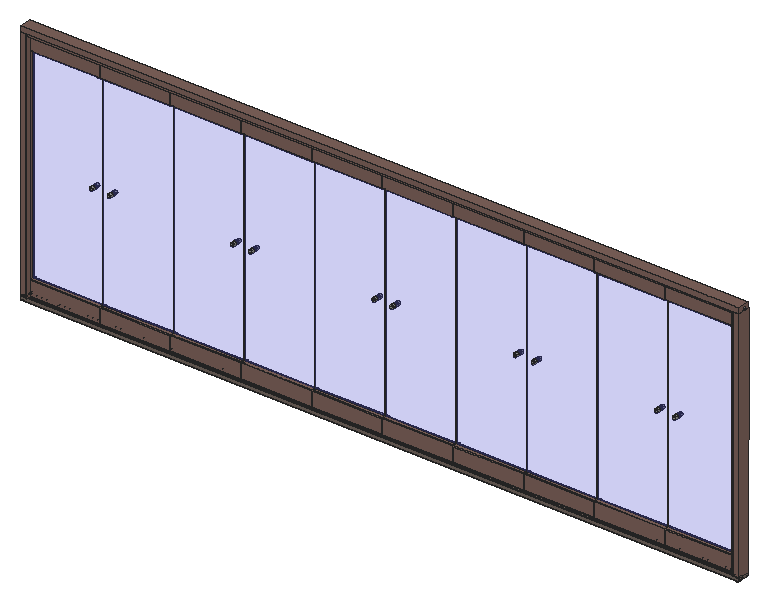
Revit family "FL10L", category Doors, host Wall, Revit 2015 (continued)
Automatic sketch dimensions
  Revolve 55 sketch curve to Revolve 55 sketch curve = 8.5 mm
  Revolve 55 sketch curve to Revolve 55 sketch curve = 6.469 mm
  Revolve 55 sketch curve to Revolve 55 sketch curve = 5.515 mm
  Revolve 55 sketch curve to Revolve 55 sketch curve = 4.5 mm
  Revolve 56 sketch curve to host wall = 24.5 mm
  Revolve 56 sketch curve to Revolve 56 sketch curve = 5 mm
  Revolve 56 sketch curve to Revolve 56 sketch curve = 2 mm  (x2)
  level to Revolve 56 sketch curve = 152 mm
  Revolve 56 sketch curve to Revolve 56 sketch curve = 8.5 mm
  Revolve 56 sketch curve to Revolve 56 sketch curve = 6.469 mm
  Revolve 56 sketch curve to Revolve 56 sketch curve = 5.515 mm
  Revolve 56 sketch curve to Revolve 56 sketch curve = 4.5 mm
  Revolve 62 sketch curve to host wall = 24.5 mm
  Revolve 62 sketch curve to Revolve 62 sketch curve = 5 mm
  Revolve 62 sketch curve to Revolve 62 sketch curve = 2 mm  (x2)
  level to Revolve 62 sketch curve = 141.5 mm
  Revolve 62 sketch curve to Revolve 62 sketch curve = 8.5 mm
  Revolve 62 sketch curve to Revolve 62 sketch curve = 6.469 mm
  Revolve 62 sketch curve to Revolve 62 sketch curve = 5.515 mm
  Revolve 62 sketch curve to Revolve 62 sketch curve = 4.5 mm
  Revolve 63 sketch curve to host wall = 24.5 mm
  Revolve 63 sketch curve to Revolve 63 sketch curve = 5 mm
  Revolve 63 sketch curve to Revolve 63 sketch curve = 2 mm  (x2)
  level to Revolve 63 sketch curve = 152 mm
  Revolve 63 sketch curve to Revolve 63 sketch curve = 8.5 mm
  Revolve 63 sketch curve to Revolve 63 sketch curve = 6.469 mm
  Revolve 63 sketch curve to Revolve 63 sketch curve = 5.515 mm
  Revolve 63 sketch curve to Revolve 63 sketch curve = 4.5 mm
  Revolve 69 sketch curve to host wall = 24.5 mm
  Revolve 69 sketch curve to Revolve 69 sketch curve = 5 mm
  Revolve 69 sketch curve to Revolve 69 sketch curve = 2 mm  (x2)
  level to Revolve 69 sketch curve = 141.5 mm
  Revolve 69 sketch curve to Revolve 69 sketch curve = 8.5 mm
  Revolve 69 sketch curve to Revolve 69 sketch curve = 6.469 mm
  Revolve 69 sketch curve to Revolve 69 sketch curve = 5.515 mm
  Revolve 69 sketch curve to Revolve 69 sketch curve = 4.5 mm
  Revolve 70 sketch curve to host wall = 24.5 mm
  Revolve 70 sketch curve to Revolve 70 sketch curve = 5 mm
  Revolve 70 sketch curve to Revolve 70 sketch curve = 2 mm  (x2)
  level to Revolve 70 sketch curve = 152 mm
  Revolve 70 sketch curve to Revolve 70 sketch curve = 8.5 mm
  Revolve 70 sketch curve to Revolve 70 sketch curve = 6.469 mm
  Revolve 70 sketch curve to Revolve 70 sketch curve = 5.515 mm
  Revolve 70 sketch curve to Revolve 70 sketch curve = 4.5 mm
  Revolve 76 sketch curve to host wall = 24.5 mm
  Revolve 76 sketch curve to Revolve 76 sketch curve = 5 mm
  Revolve 76 sketch curve to Revolve 76 sketch curve = 2 mm  (x2)
  level to Revolve 76 sketch curve = 141.5 mm
  Revolve 76 sketch curve to Revolve 76 sketch curve = 8.5 mm
  Revolve 76 sketch curve to Revolve 76 sketch curve = 6.469 mm
  Revolve 76 sketch curve to Revolve 76 sketch curve = 5.515 mm
  Revolve 76 sketch curve to Revolve 76 sketch curve = 4.5 mm
  Revolve 77 sketch curve to host wall = 24.5 mm
  Revolve 77 sketch curve to Revolve 77 sketch curve = 5 mm
  Revolve 77 sketch curve to Revolve 77 sketch curve = 2 mm  (x2)
  level to Revolve 77 sketch curve = 152 mm
  Revolve 77 sketch curve to Revolve 77 sketch curve = 8.5 mm
  Revolve 77 sketch curve to Revolve 77 sketch curve = 6.469 mm
  Revolve 77 sketch curve to Revolve 77 sketch curve = 5.515 mm
  Revolve 77 sketch curve to Revolve 77 sketch curve = 4.5 mm
  Revolve 78 sketch curve to host wall = 23 mm
  Revolve 78 sketch curve to Revolve 78 sketch curve = 3 mm
  Revolve 78 sketch curve to Revolve 78 sketch curve = 5 mm  (x2)
  Revolve 78 sketch curve to Revolve 78 sketch curve = 16 mm
  Revolve 78 sketch curve to Revolve 78 sketch curve = 1 mm  (x2)
  level to Revolve 78 sketch curve = 1037 mm
  Revolve 78 sketch curve to Revolve 78 sketch curve = 10 mm
  Revolve 78 sketch curve to Revolve 78 sketch curve = 14 mm
  Revolve 78 sketch curve to Revolve 78 sketch curve = 0 mm  (x3)
  Revolve 81 sketch curve to host wall = 0 mm
  Revolve 81 sketch curve to host wall = 5 mm
  Revolve 81 sketch curve to Revolve 81 sketch curve = 5 mm
  Revolve 81 sketch curve to Revolve 81 sketch curve = 3 mm
  host wall to Revolve 81 sketch curve = 16 mm
  Revolve 81 sketch curve to Revolve 81 sketch curve = 1 mm  (x2)
  level to Revolve 81 sketch curve = 1037 mm
  Revolve 81 sketch curve to Revolve 81 sketch curve = 10 mm
  Revolve 81 sketch curve to Revolve 81 sketch curve = 14 mm
  Revolve 81 sketch curve to Revolve 81 sketch curve = 0 mm  (x3)
  Revolve 82 sketch curve to host wall = 23 mm
  Revolve 82 sketch curve to Revolve 82 sketch curve = 3 mm
  Revolve 82 sketch curve to Revolve 82 sketch curve = 5 mm  (x2)
  Revolve 82 sketch curve to Revolve 82 sketch curve = 16 mm
  Revolve 82 sketch curve to Revolve 82 sketch curve = 1 mm  (x2)
  level to Revolve 82 sketch curve = 1037 mm
  Revolve 82 sketch curve to Revolve 82 sketch curve = 10 mm
  Revolve 82 sketch curve to Revolve 82 sketch curve = 14 mm
  Revolve 82 sketch curve to Revolve 82 sketch curve = 0 mm  (x3)
  Revolve 85 sketch curve to host wall = 0 mm
  Revolve 85 sketch curve to host wall = 5 mm
  Revolve 85 sketch curve to Revolve 85 sketch curve = 5 mm
  Revolve 85 sketch curve to Revolve 85 sketch curve = 3 mm
  host wall to Revolve 85 sketch curve = 16 mm
  Revolve 85 sketch curve to Revolve 85 sketch curve = 1 mm  (x2)
  level to Revolve 85 sketch curve = 1037 mm
  Revolve 85 sketch curve to Revolve 85 sketch curve = 10 mm
  Revolve 85 sketch curve to Revolve 85 sketch curve = 14 mm
  Revolve 85 sketch curve to Revolve 85 sketch curve = 0 mm  (x3)
  Revolve 86 sketch curve to host wall = 23 mm
  Revolve 86 sketch curve to Revolve 86 sketch curve = 3 mm
  Revolve 86 sketch curve to Revolve 86 sketch curve = 5 mm  (x2)
  Revolve 86 sketch curve to Revolve 86 sketch curve = 16 mm
  Revolve 86 sketch curve to Revolve 86 sketch curve = 1 mm  (x2)
  level to Revolve 86 sketch curve = 1037 mm
  Revolve 86 sketch curve to Revolve 86 sketch curve = 10 mm
  Revolve 86 sketch curve to Revolve 86 sketch curve = 14 mm
  Revolve 86 sketch curve to Revolve 86 sketch curve = 0 mm  (x3)
  Revolve 89 sketch curve to host wall = 0 mm
  Revolve 89 sketch curve to host wall = 5 mm
  Revolve 89 sketch curve to Revolve 89 sketch curve = 5 mm
  Revolve 89 sketch curve to Revolve 89 sketch curve = 3 mm
  host wall to Revolve 89 sketch curve = 16 mm
  Revolve 89 sketch curve to Revolve 89 sketch curve = 1 mm  (x2)
  level to Revolve 89 sketch curve = 1037 mm
  Revolve 89 sketch curve to Revolve 89 sketch curve = 10 mm
  Revolve 89 sketch curve to Revolve 89 sketch curve = 14 mm
  Revolve 89 sketch curve to Revolve 89 sketch curve = 0 mm  (x3)
  Revolve 90 sketch curve to host wall = 23 mm
  Revolve 90 sketch curve to Revolve 90 sketch curve = 3 mm
  Revolve 90 sketch curve to Revolve 90 sketch curve = 5 mm  (x2)
  Revolve 90 sketch curve to Revolve 90 sketch curve = 16 mm
  Revolve 90 sketch curve to Revolve 90 sketch curve = 1 mm  (x2)
  level to Revolve 90 sketch curve = 1037 mm
  Revolve 90 sketch curve to Revolve 90 sketch curve = 10 mm
  Revolve 90 sketch curve to Revolve 90 sketch curve = 14 mm
  Revolve 90 sketch curve to Revolve 90 sketch curve = 0 mm  (x3)
  Revolve 93 sketch curve to host wall = 0 mm
  Revolve 93 sketch curve to host wall = 5 mm
  Revolve 93 sketch curve to Revolve 93 sketch curve = 5 mm
  Revolve 93 sketch curve to Revolve 93 sketch curve = 3 mm
  host wall to Revolve 93 sketch curve = 16 mm
  Revolve 93 sketch curve to Revolve 93 sketch curve = 1 mm  (x2)
  level to Revolve 93 sketch curve = 1037 mm
  Revolve 93 sketch curve to Revolve 93 sketch curve = 10 mm
  Revolve 93 sketch curve to Revolve 93 sketch curve = 14 mm
  Revolve 93 sketch curve to Revolve 93 sketch curve = 0 mm  (x3)
  Revolve 94 sketch curve to host wall = 23 mm
  Revolve 94 sketch curve to Revolve 94 sketch curve = 3 mm
  Revolve 94 sketch curve to Revolve 94 sketch curve = 5 mm  (x2)
  Revolve 94 sketch curve to Revolve 94 sketch curve = 16 mm
  Revolve 94 sketch curve to Revolve 94 sketch curve = 1 mm  (x2)
  level to Revolve 94 sketch curve = 1037 mm
  Revolve 94 sketch curve to Revolve 94 sketch curve = 10 mm
  Revolve 94 sketch curve to Revolve 94 sketch curve = 14 mm
  Revolve 94 sketch curve to Revolve 94 sketch curve = 0 mm  (x3)
  Revolve 97 sketch curve to host wall = 0 mm
  Revolve 97 sketch curve to host wall = 5 mm
  Revolve 97 sketch curve to Revolve 97 sketch curve = 5 mm
  Revolve 97 sketch curve to Revolve 97 sketch curve = 3 mm
  host wall to Revolve 97 sketch curve = 16 mm
  Revolve 97 sketch curve to Revolve 97 sketch curve = 1 mm  (x2)
  level to Revolve 97 sketch curve = 1037 mm
  Revolve 97 sketch curve to Revolve 97 sketch curve = 10 mm
  Revolve 97 sketch curve to Revolve 97 sketch curve = 14 mm
  Revolve 97 sketch curve to Revolve 97 sketch curve = 0 mm  (x3)
  Extrusion 1 sketch curve to level = 0 mm
  level to Extrusion 1 sketch curve = 1 mm
  Extrusion 1 sketch curve to host wall = 22.5 mm
  Extrusion 1 sketch curve to Extrusion 1 sketch curve = 1 mm  (x7)
  Extrusion 1 sketch curve to Extrusion 1 sketch curve = 0.5 mm  (x8)
  Extrusion 1 sketch curve to Extrusion 1 sketch curve = 8.551 mm
  Extrusion 1 sketch curve to Extrusion 1 sketch curve = 0.717 mm  (x10)
  Extrusion 1 sketch curve to Extrusion 1 sketch curve = 1.732 mm  (x10)
  Extrusion 1 sketch curve to Extrusion 1 sketch curve = 0 mm  (x26)
  Extrusion 1 sketch curve to Extrusion 1 sketch curve = 3.101 mm  (x3)
  Extrusion 1 sketch curve to Extrusion 1 sketch curve = 6.351 mm
  Extrusion 1 sketch curve to Extrusion 1 sketch curve = 1.5 mm  (x15)
  Extrusion 1 sketch curve to Extrusion 1 sketch curve = 0.7 mm
  level to Extrusion 1 sketch curve = 1.5 mm  (x3)
  Extrusion 1 sketch curve to Extrusion 1 sketch curve = 1.2 mm  (x2)
  Extrusion 1 sketch curve to Extrusion 1 sketch curve = 8.248 mm
  host wall to Extrusion 1 sketch curve = 4.5 mm
  host wall to Extrusion 1 sketch curve = 1.5 mm  (x2)
  Extrusion 1 sketch curve to host wall = 1.817 mm
  Extrusion 1 sketch curve to Extrusion 1 sketch curve = 1.433 mm  (x3)
  Extrusion 1 sketch curve to host wall = 3.75 mm
  Extrusion 1 sketch curve to Extrusion 1 sketch curve = 1.25 mm  (x2)
  Extrusion 1 sketch curve to Extrusion 1 sketch curve = 3.317 mm
  Extrusion 1 sketch curve to Extrusion 1 sketch curve = 4.551 mm
  Extrusion 1 sketch curve to Extrusion 1 sketch curve = 10.551 mm
  Extrusion 1 sketch curve to Extrusion 1 sketch curve = 11 mm
  Extrusion 1 sketch curve to Extrusion 1 sketch curve = 14.5 mm
  Extrusion 1 sketch curve to Extrusion 1 sketch curve = 2 mm  (x4)
  Extrusion 1 sketch curve to Extrusion 1 sketch curve = 0.3 mm
  Extrusion 1 sketch curve to Extrusion 1 sketch curve = 2.5 mm
  Extrusion 1 sketch curve to Extrusion 1 sketch curve = 1.488 mm
  Extrusion 1 sketch curve to Extrusion 1 sketch curve = 1.012 mm
  Extrusion 1 sketch curve to Extrusion 1 sketch curve = 5.5 mm
  plane 5 to Extrusion 2 sketch curve = 0 mm
  Extrusion 2 sketch curve to host wall = 22.5 mm  (x2)
  host wall to Extrusion 2 sketch curve = 6.5 mm
  Extrusion 2 sketch curve to host wall = 15.5 mm
  plane 5 to Extrusion 2 sketch curve = 25 mm
  Extrusion 2 sketch curve to Extrusion 2 sketch curve = 20 mm  (x2)
  Extrusion 3 sketch curve to plane 3 "Left" = 0 mm
  Extrusion 3 sketch curve to plane 8 = 0 mm
  Extrusion 3 sketch curve to plane 9 = 0 mm
  Extrusion 3 sketch curve to plane 4 "Right" = 0 mm
  Extrusion 3 sketch curve to Extrusion 3 sketch curve = 12 mm  (x2)
  Extrusion 3 sketch curve to host wall = 22.5 mm  (x4)
  Extrusion 3 sketch curve to host wall = 24.5 mm  (x2)
  Extrusion 4 sketch curve to plane 3 "Left" = 0 mm
  Extrusion 4 sketch curve to plane 8 = 0 mm
  Extrusion 4 sketch curve to plane 9 = 0 mm
  Extrusion 4 sketch curve to plane 4 "Right" = 0 mm
  Extrusion 4 sketch curve to plane 8 = 12 mm
  Extrusion 4 sketch curve to Extrusion 4 sketch curve = 12 mm
  host wall to Extrusion 4 sketch curve = 19.5 mm  (x2)
  Extrusion 4 sketch curve to host wall = 24.5 mm  (x2)
  Extrusion 4 sketch curve to host wall = 22.5 mm  (x2)
  Extrusion 5 sketch curve to host wall = 22.5 mm
  Extrusion 5 sketch curve to Extrusion 5 sketch curve = 3 mm  (x3)
  Extrusion 5 sketch curve to Extrusion 5 sketch curve = 16 mm
  Extrusion 5 sketch curve to Extrusion 5 sketch curve = 7 mm
  Extrusion 5 sketch curve to Extrusion 5 sketch curve = 0 mm
  plane 5 to Extrusion 5 sketch curve = 58 mm
  Extrusion 5 sketch curve to Extrusion 5 sketch curve = 3.5 mm
  Extrusion 5 sketch curve to Extrusion 5 sketch curve = 10 mm
  plane 10 to curve 41 = 203.212 mm
  curve 41 to curve 43 = 42.286 mm
  curve 42 to curve 45 = 42.286 mm
  curve 47 to host wall = 23.892 mm
  curve 47 to plane 12 = 106.782 mm
  plane 13 to curve 48 = 94.651 mm
  curve 47 to curve 49 = 42.286 mm
  curve 48 to curve 53 = 42.286 mm
  curve 53 to host wall = 23.892 mm
  curve 53 to plane 14 = 215.343 mm
  curve 50 to plane 14 = 9.91 mm
  plane 15 to curve 51 = 28.376 mm
  curve 66 to plane 26 = 28.376 mm
  plane 27 to curve 65 = 9.91 mm
  curve 65 to host wall = 23.892 mm
  plane 27 to curve 65 = 215.343 mm
  curve 69 to plane 28 = 179.223 mm
  curve 68 to curve 69 = 42.286 mm
  curve 63 to curve 62 = 42.286 mm
  curve 59 to host wall = 23.892 mm
  plane 29 to curve 59 = 106.782 mm
  plane 11 to curve 60 = 287.784 mm
  curve 60 to curve 61 = 42.286 mm
  curve 60 to curve 56 = 42.286 mm
  host wall to curve 70 = 497.925 mm
  host wall to curve 51 = 497.925 mm
  curve 49 to curve 50 = 15.391 mm
  curve 67 to curve 68 = 15.391 mm
  curve 42 to curve 47 = 15.391 mm
  curve 57 to curve 62 = 15.391 mm
  curve 60 to curve 57 = 15.391 mm
  curve 42 to curve 42 = 15.391 mm
  curve 43 to host wall = 9.109 mm
  curve 41 to plane 10 = 2 mm
  curve 46 to host wall = 9.109 mm
  curve 49 to host wall = 9.109 mm
  curve 55 to host wall = 9.109 mm
  curve 52 to host wall = 9.109 mm
  curve 67 to host wall = 9.109 mm
  curve 70 to host wall = 9.109 mm
  curve 64 to host wall = 9.109 mm
  curve 61 to host wall = 9.109 mm
  curve 58 to host wall = 9.109 mm
  curve 56 to plane 11 = 2 mm
  host wall to Extrusion 7 sketch curve = 6 mm
  Extrusion 7 sketch curve to Extrusion 7 sketch curve = 2.2 mm  (x3)
  Extrusion 7 sketch curve to host wall = 12.8 mm
  plane 5 to Extrusion 7 sketch curve = 45 mm
  Extrusion 7 sketch curve to Extrusion 7 sketch curve = 0 mm
  Extrusion 7 sketch curve to Extrusion 7 sketch curve = 17.8 mm
  host wall to Extrusion 8 sketch curve = 20.5 mm  (x2)
  Extrusion 8 sketch curve to Extrusion 8 sketch curve = 5 mm  (x5)
  Extrusion 8 sketch curve to host wall = 13 mm  (x2)
  Extrusion 8 sketch curve to host wall = 24.5 mm
  Extrusion 8 sketch curve to Extrusion 8 sketch curve = 11.5 mm
  level to Extrusion 8 sketch curve = 24 mm
  Extrusion 8 sketch curve to Extrusion 8 sketch curve = 13 mm
  Extrusion 8 sketch curve to Extrusion 8 sketch curve = 75 mm
  Extrusion 8 sketch curve to Extrusion 8 sketch curve = 45 mm
  plane 5 to Extrusion 8 sketch curve = 188 mm
  Extrusion 8 sketch curve to Extrusion 8 sketch curve = 50 mm
  plane 5 to Extrusion 8 sketch curve = 50 mm
  Extrusion 9 sketch curve to plane 29 = 0 mm
  plane 11 to Extrusion 9 sketch curve = 0 mm
  level to Extrusion 9 sketch curve = 112 mm
  plane 5 to Extrusion 9 sketch curve = 138 mm
  Extrusion 10 sketch curve to host wall = 23 mm  (x2)
  Extrusion 10 sketch curve to Extrusion 10 sketch curve = 1.5 mm  (x2)
  level to Extrusion 10 sketch curve = 112 mm
  Extrusion 10 sketch curve to Extrusion 10 sketch curve = 50 mm  (x2)
  plane 5 to Extrusion 10 sketch curve = 188 mm
  Revolve 11 sketch curve to host wall = 24.5 mm
  Revolve 11 sketch curve to Revolve 11 sketch curve = 5 mm
  Revolve 11 sketch curve to Revolve 11 sketch curve = 2 mm  (x2)
  plane 5 to Revolve 11 sketch curve = 158.5 mm
  Revolve 11 sketch curve to Revolve 11 sketch curve = 8.5 mm
  Revolve 11 sketch curve to Revolve 11 sketch curve = 6.469 mm
  Revolve 11 sketch curve to Revolve 11 sketch curve = 5.515 mm
  Revolve 11 sketch curve to Revolve 11 sketch curve = 4.5 mm
  Revolve 12 sketch curve to host wall = 24.5 mm
  Revolve 12 sketch curve to Revolve 12 sketch curve = 5 mm
  Revolve 12 sketch curve to Revolve 12 sketch curve = 2 mm  (x2)
  plane 5 to Revolve 12 sketch curve = 148 mm
  Revolve 12 sketch curve to Revolve 12 sketch curve = 8.5 mm
  Revolve 12 sketch curve to Revolve 12 sketch curve = 6.469 mm
  Revolve 12 sketch curve to Revolve 12 sketch curve = 5.515 mm
  Revolve 12 sketch curve to Revolve 12 sketch curve = 4.5 mm
  host wall to Extrusion 15 sketch curve = 20.5 mm  (x2)
  Extrusion 15 sketch curve to Extrusion 15 sketch curve = 5 mm  (x5)
  Extrusion 15 sketch curve to host wall = 13 mm  (x2)
  Extrusion 15 sketch curve to host wall = 24.5 mm
  Extrusion 15 sketch curve to Extrusion 15 sketch curve = 11.5 mm
  level to Extrusion 15 sketch curve = 24 mm
  Extrusion 15 sketch curve to Extrusion 15 sketch curve = 13 mm
  Extrusion 15 sketch curve to Extrusion 15 sketch curve = 75 mm
  Extrusion 15 sketch curve to Extrusion 15 sketch curve = 45 mm
  plane 5 to Extrusion 15 sketch curve = 188 mm
  Extrusion 15 sketch curve to Extrusion 15 sketch curve = 50 mm
  plane 5 to Extrusion 15 sketch curve = 50 mm
  Extrusion 16 sketch curve to plane 27 = 0 mm
  Extrusion 16 sketch curve to plane 28 = 0 mm
  level to Extrusion 16 sketch curve = 112 mm
  plane 5 to Extrusion 16 sketch curve = 138 mm
  Extrusion 17 sketch curve to host wall = 23 mm  (x2)
  Extrusion 17 sketch curve to Extrusion 17 sketch curve = 1.5 mm  (x2)
  level to Extrusion 17 sketch curve = 112 mm
  Extrusion 17 sketch curve to Extrusion 17 sketch curve = 50 mm  (x2)
  plane 5 to Extrusion 17 sketch curve = 188 mm
  Revolve 18 sketch curve to host wall = 24.5 mm
  Revolve 18 sketch curve to Revolve 18 sketch curve = 5 mm
  Revolve 18 sketch curve to Revolve 18 sketch curve = 2 mm  (x2)
  plane 5 to Revolve 18 sketch curve = 158.5 mm
  Revolve 18 sketch curve to Revolve 18 sketch curve = 8.5 mm
  Revolve 18 sketch curve to Revolve 18 sketch curve = 6.469 mm
  Revolve 18 sketch curve to Revolve 18 sketch curve = 5.515 mm
  Revolve 18 sketch curve to Revolve 18 sketch curve = 4.5 mm
  Revolve 19 sketch curve to host wall = 24.5 mm
  Revolve 19 sketch curve to Revolve 19 sketch curve = 5 mm
  Revolve 19 sketch curve to Revolve 19 sketch curve = 2 mm  (x2)
  plane 5 to Revolve 19 sketch curve = 148 mm
  Revolve 19 sketch curve to Revolve 19 sketch curve = 8.5 mm
  Revolve 19 sketch curve to Revolve 19 sketch curve = 6.469 mm
  Revolve 19 sketch curve to Revolve 19 sketch curve = 5.515 mm
  Revolve 19 sketch curve to Revolve 19 sketch curve = 4.5 mm
  host wall to Extrusion 22 sketch curve = 20.5 mm  (x2)
  Extrusion 22 sketch curve to Extrusion 22 sketch curve = 5 mm  (x5)
  Extrusion 22 sketch curve to host wall = 13 mm  (x2)
  Extrusion 22 sketch curve to host wall = 24.5 mm
  Extrusion 22 sketch curve to Extrusion 22 sketch curve = 11.5 mm
  level to Extrusion 22 sketch curve = 24 mm
  Extrusion 22 sketch curve to Extrusion 22 sketch curve = 13 mm
  Extrusion 22 sketch curve to Extrusion 22 sketch curve = 75 mm
  Extrusion 22 sketch curve to Extrusion 22 sketch curve = 45 mm
  plane 5 to Extrusion 22 sketch curve = 188 mm
  Extrusion 22 sketch curve to Extrusion 22 sketch curve = 50 mm
  plane 5 to Extrusion 22 sketch curve = 50 mm
  Extrusion 23 sketch curve to plane 25 = 0 mm
  Extrusion 23 sketch curve to plane 26 = 0 mm
  level to Extrusion 23 sketch curve = 112 mm
  plane 5 to Extrusion 23 sketch curve = 138 mm
  Extrusion 24 sketch curve to host wall = 23 mm  (x2)
  Extrusion 24 sketch curve to Extrusion 24 sketch curve = 1.5 mm  (x2)
  level to Extrusion 24 sketch curve = 112 mm
  Extrusion 24 sketch curve to Extrusion 24 sketch curve = 50 mm  (x2)
  plane 5 to Extrusion 24 sketch curve = 188 mm
  Revolve 25 sketch curve to host wall = 24.5 mm
  Revolve 25 sketch curve to Revolve 25 sketch curve = 5 mm
  Revolve 25 sketch curve to Revolve 25 sketch curve = 2 mm  (x2)
  plane 5 to Revolve 25 sketch curve = 158.5 mm
  Revolve 25 sketch curve to Revolve 25 sketch curve = 8.5 mm
  Revolve 25 sketch curve to Revolve 25 sketch curve = 6.469 mm
  Revolve 25 sketch curve to Revolve 25 sketch curve = 5.515 mm
  Revolve 25 sketch curve to Revolve 25 sketch curve = 4.5 mm
  Revolve 26 sketch curve to host wall = 24.5 mm
  Revolve 26 sketch curve to Revolve 26 sketch curve = 5 mm
  Revolve 26 sketch curve to Revolve 26 sketch curve = 2 mm  (x2)
  plane 5 to Revolve 26 sketch curve = 148 mm
  Revolve 26 sketch curve to Revolve 26 sketch curve = 8.5 mm
  Revolve 26 sketch curve to Revolve 26 sketch curve = 6.469 mm
  Revolve 26 sketch curve to Revolve 26 sketch curve = 5.515 mm
  Revolve 26 sketch curve to Revolve 26 sketch curve = 4.5 mm
  host wall to Extrusion 29 sketch curve = 20.5 mm  (x2)
  Extrusion 29 sketch curve to Extrusion 29 sketch curve = 5 mm  (x5)
  Extrusion 29 sketch curve to host wall = 13 mm  (x2)
  Extrusion 29 sketch curve to host wall = 24.5 mm
  Extrusion 29 sketch curve to Extrusion 29 sketch curve = 11.5 mm
  level to Extrusion 29 sketch curve = 24 mm
  Extrusion 29 sketch curve to Extrusion 29 sketch curve = 13 mm
  Extrusion 29 sketch curve to Extrusion 29 sketch curve = 75 mm
  Extrusion 29 sketch curve to Extrusion 29 sketch curve = 45 mm
  plane 5 to Extrusion 29 sketch curve = 188 mm
  Extrusion 29 sketch curve to Extrusion 29 sketch curve = 50 mm
  plane 5 to Extrusion 29 sketch curve = 50 mm
  Extrusion 30 sketch curve to plane 23 = 0 mm
  Extrusion 30 sketch curve to plane 24 = 0 mm
  level to Extrusion 30 sketch curve = 112 mm
  plane 5 to Extrusion 30 sketch curve = 138 mm
  Extrusion 31 sketch curve to host wall = 23 mm  (x2)
  Extrusion 31 sketch curve to Extrusion 31 sketch curve = 1.5 mm  (x2)
  level to Extrusion 31 sketch curve = 112 mm
  Extrusion 31 sketch curve to Extrusion 31 sketch curve = 50 mm  (x2)
  plane 5 to Extrusion 31 sketch curve = 188 mm
  Revolve 32 sketch curve to host wall = 24.5 mm
  Revolve 32 sketch curve to Revolve 32 sketch curve = 5 mm
  Revolve 32 sketch curve to Revolve 32 sketch curve = 2 mm  (x2)
  plane 5 to Revolve 32 sketch curve = 158.5 mm
  Revolve 32 sketch curve to Revolve 32 sketch curve = 8.5 mm
  Revolve 32 sketch curve to Revolve 32 sketch curve = 6.469 mm
  Revolve 32 sketch curve to Revolve 32 sketch curve = 5.515 mm
  Revolve 32 sketch curve to Revolve 32 sketch curve = 4.5 mm
  Revolve 33 sketch curve to host wall = 24.5 mm
  Revolve 33 sketch curve to Revolve 33 sketch curve = 5 mm
  Revolve 33 sketch curve to Revolve 33 sketch curve = 2 mm  (x2)
  plane 5 to Revolve 33 sketch curve = 148 mm
  Revolve 33 sketch curve to Revolve 33 sketch curve = 8.5 mm
  Revolve 33 sketch curve to Revolve 33 sketch curve = 6.469 mm
  Revolve 33 sketch curve to Revolve 33 sketch curve = 5.515 mm
  Revolve 33 sketch curve to Revolve 33 sketch curve = 4.5 mm
  host wall to Extrusion 36 sketch curve = 20.5 mm  (x2)
  Extrusion 36 sketch curve to Extrusion 36 sketch curve = 5 mm  (x5)
  Extrusion 36 sketch curve to host wall = 13 mm  (x2)
  Extrusion 36 sketch curve to host wall = 24.5 mm
  Extrusion 36 sketch curve to Extrusion 36 sketch curve = 11.5 mm
  level to Extrusion 36 sketch curve = 24 mm
  Extrusion 36 sketch curve to Extrusion 36 sketch curve = 13 mm
  Extrusion 36 sketch curve to Extrusion 36 sketch curve = 75 mm
  Extrusion 36 sketch curve to Extrusion 36 sketch curve = 45 mm
  plane 5 to Extrusion 36 sketch curve = 188 mm
  Extrusion 36 sketch curve to Extrusion 36 sketch curve = 50 mm
  plane 5 to Extrusion 36 sketch curve = 50 mm
  Extrusion 37 sketch curve to plane 21 = 0 mm
  Extrusion 37 sketch curve to plane 22 = 0 mm
  level to Extrusion 37 sketch curve = 112 mm
  plane 5 to Extrusion 37 sketch curve = 138 mm
  Extrusion 38 sketch curve to host wall = 23 mm  (x2)
  Extrusion 38 sketch curve to Extrusion 38 sketch curve = 1.5 mm  (x2)
  level to Extrusion 38 sketch curve = 112 mm
  Extrusion 38 sketch curve to Extrusion 38 sketch curve = 50 mm  (x2)
  plane 5 to Extrusion 38 sketch curve = 188 mm
  Revolve 39 sketch curve to host wall = 24.5 mm
  Revolve 39 sketch curve to Revolve 39 sketch curve = 5 mm
  Revolve 39 sketch curve to Revolve 39 sketch curve = 2 mm  (x2)
  plane 5 to Revolve 39 sketch curve = 158.5 mm
  Revolve 39 sketch curve to Revolve 39 sketch curve = 8.5 mm
  Revolve 39 sketch curve to Revolve 39 sketch curve = 6.469 mm
  Revolve 39 sketch curve to Revolve 39 sketch curve = 5.515 mm
  Revolve 39 sketch curve to Revolve 39 sketch curve = 4.5 mm
  Revolve 40 sketch curve to host wall = 24.5 mm
  Revolve 40 sketch curve to Revolve 40 sketch curve = 5 mm
  Revolve 40 sketch curve to Revolve 40 sketch curve = 2 mm  (x2)
  plane 5 to Revolve 40 sketch curve = 148 mm
  Revolve 40 sketch curve to Revolve 40 sketch curve = 8.5 mm
  Revolve 40 sketch curve to Revolve 40 sketch curve = 6.469 mm
  Revolve 40 sketch curve to Revolve 40 sketch curve = 5.515 mm
  Revolve 40 sketch curve to Revolve 40 sketch curve = 4.5 mm
  host wall to Extrusion 43 sketch curve = 20.5 mm  (x2)
  Extrusion 43 sketch curve to Extrusion 43 sketch curve = 5 mm  (x5)
  Extrusion 43 sketch curve to host wall = 13 mm  (x2)
  Extrusion 43 sketch curve to host wall = 24.5 mm
  Extrusion 43 sketch curve to Extrusion 43 sketch curve = 11.5 mm
  level to Extrusion 43 sketch curve = 24 mm
  Extrusion 43 sketch curve to Extrusion 43 sketch curve = 13 mm
  Extrusion 43 sketch curve to Extrusion 43 sketch curve = 75 mm
  Extrusion 43 sketch curve to Extrusion 43 sketch curve = 45 mm
  plane 5 to Extrusion 43 sketch curve = 188 mm
  Extrusion 43 sketch curve to Extrusion 43 sketch curve = 50 mm
  plane 5 to Extrusion 43 sketch curve = 50 mm
  Extrusion 44 sketch curve to plane 19 = 0 mm
  Extrusion 44 sketch curve to plane 20 = 0 mm
  level to Extrusion 44 sketch curve = 112 mm
  plane 5 to Extrusion 44 sketch curve = 138 mm
  Extrusion 45 sketch curve to host wall = 23 mm  (x2)
  Extrusion 45 sketch curve to Extrusion 45 sketch curve = 1.5 mm  (x2)
  level to Extrusion 45 sketch curve = 112 mm
  Extrusion 45 sketch curve to Extrusion 45 sketch curve = 50 mm  (x2)
  plane 5 to Extrusion 45 sketch curve = 188 mm
  Revolve 46 sketch curve to host wall = 24.5 mm
  Revolve 46 sketch curve to Revolve 46 sketch curve = 5 mm
  Revolve 46 sketch curve to Revolve 46 sketch curve = 2 mm  (x2)
  plane 5 to Revolve 46 sketch curve = 158.5 mm
  Revolve 46 sketch curve to Revolve 46 sketch curve = 8.5 mm
  Revolve 46 sketch curve to Revolve 46 sketch curve = 6.469 mm
  Revolve 46 sketch curve to Revolve 46 sketch curve = 5.515 mm
  Revolve 46 sketch curve to Revolve 46 sketch curve = 4.5 mm
  Revolve 47 sketch curve to host wall = 24.5 mm
  Revolve 47 sketch curve to Revolve 47 sketch curve = 5 mm
  Revolve 47 sketch curve to Revolve 47 sketch curve = 2 mm  (x2)
  plane 5 to Revolve 47 sketch curve = 148 mm
  Revolve 47 sketch curve to Revolve 47 sketch curve = 8.5 mm
  Revolve 47 sketch curve to Revolve 47 sketch curve = 6.469 mm
  Revolve 47 sketch curve to Revolve 47 sketch curve = 5.515 mm
  Revolve 47 sketch curve to Revolve 47 sketch curve = 4.5 mm
  host wall to Extrusion 50 sketch curve = 20.5 mm  (x2)
  Extrusion 50 sketch curve to Extrusion 50 sketch curve = 5 mm  (x5)
  Extrusion 50 sketch curve to host wall = 13 mm  (x2)
  Extrusion 50 sketch curve to host wall = 24.5 mm
  Extrusion 50 sketch curve to Extrusion 50 sketch curve = 11.5 mm
  level to Extrusion 50 sketch curve = 24 mm
  Extrusion 50 sketch curve to Extrusion 50 sketch curve = 13 mm
  Extrusion 50 sketch curve to Extrusion 50 sketch curve = 75 mm
  Extrusion 50 sketch curve to Extrusion 50 sketch curve = 45 mm
  plane 5 to Extrusion 50 sketch curve = 188 mm
  Extrusion 50 sketch curve to Extrusion 50 sketch curve = 50 mm
  plane 5 to Extrusion 50 sketch curve = 50 mm
  Extrusion 51 sketch curve to plane 17 = 0 mm
  Extrusion 51 sketch curve to plane 18 = 0 mm
  level to Extrusion 51 sketch curve = 112 mm
  plane 5 to Extrusion 51 sketch curve = 138 mm
  Extrusion 52 sketch curve to host wall = 23 mm  (x2)
  Extrusion 52 sketch curve to Extrusion 52 sketch curve = 1.5 mm  (x2)
  level to Extrusion 52 sketch curve = 112 mm
  Extrusion 52 sketch curve to Extrusion 52 sketch curve = 50 mm  (x2)
  plane 5 to Extrusion 52 sketch curve = 188 mm
  Revolve 53 sketch curve to host wall = 24.5 mm
  Revolve 53 sketch curve to Revolve 53 sketch curve = 5 mm
  Revolve 53 sketch curve to Revolve 53 sketch curve = 2 mm  (x2)
  plane 5 to Revolve 53 sketch curve = 158.5 mm
  Revolve 53 sketch curve to Revolve 53 sketch curve = 8.5 mm
  Revolve 53 sketch curve to Revolve 53 sketch curve = 6.469 mm
  Revolve 53 sketch curve to Revolve 53 sketch curve = 5.515 mm
  Revolve 53 sketch curve to Revolve 53 sketch curve = 4.5 mm
  Revolve 54 sketch curve to host wall = 24.5 mm
  Revolve 54 sketch curve to Revolve 54 sketch curve = 5 mm
  Revolve 54 sketch curve to Revolve 54 sketch curve = 2 mm  (x2)
  plane 5 to Revolve 54 sketch curve = 148 mm
  Revolve 54 sketch curve to Revolve 54 sketch curve = 8.5 mm
  Revolve 54 sketch curve to Revolve 54 sketch curve = 6.469 mm
  Revolve 54 sketch curve to Revolve 54 sketch curve = 5.515 mm
  Revolve 54 sketch curve to Revolve 54 sketch curve = 4.5 mm
  host wall to Extrusion 57 sketch curve = 20.5 mm  (x2)
  Extrusion 57 sketch curve to Extrusion 57 sketch curve = 5 mm  (x5)
  Extrusion 57 sketch curve to host wall = 13 mm  (x2)
  Extrusion 57 sketch curve to host wall = 24.5 mm
  Extrusion 57 sketch curve to Extrusion 57 sketch curve = 11.5 mm
  level to Extrusion 57 sketch curve = 24 mm
  Extrusion 57 sketch curve to Extrusion 57 sketch curve = 13 mm
  Extrusion 57 sketch curve to Extrusion 57 sketch curve = 75 mm
  Extrusion 57 sketch curve to Extrusion 57 sketch curve = 45 mm
  plane 5 to Extrusion 57 sketch curve = 188 mm
  Extrusion 57 sketch curve to Extrusion 57 sketch curve = 50 mm
  plane 5 to Extrusion 57 sketch curve = 50 mm
  Extrusion 58 sketch curve to plane 15 = 0 mm
  Extrusion 58 sketch curve to plane 16 = 0 mm
  level to Extrusion 58 sketch curve = 112 mm
  plane 5 to Extrusion 58 sketch curve = 138 mm
  Extrusion 59 sketch curve to host wall = 23 mm  (x2)
  Extrusion 59 sketch curve to Extrusion 59 sketch curve = 1.5 mm  (x2)
  level to Extrusion 59 sketch curve = 112 mm
  Extrusion 59 sketch curve to Extrusion 59 sketch curve = 50 mm  (x2)
  plane 5 to Extrusion 59 sketch curve = 188 mm
  Revolve 60 sketch curve to host wall = 24.5 mm
  Revolve 60 sketch curve to Revolve 60 sketch curve = 5 mm
  Revolve 60 sketch curve to Revolve 60 sketch curve = 2 mm  (x2)
  plane 5 to Revolve 60 sketch curve = 158.5 mm
  Revolve 60 sketch curve to Revolve 60 sketch curve = 8.5 mm
  Revolve 60 sketch curve to Revolve 60 sketch curve = 6.469 mm
  Revolve 60 sketch curve to Revolve 60 sketch curve = 5.515 mm
  Revolve 60 sketch curve to Revolve 60 sketch curve = 4.5 mm
  Revolve 61 sketch curve to host wall = 24.5 mm
  Revolve 61 sketch curve to Revolve 61 sketch curve = 5 mm
  Revolve 61 sketch curve to Revolve 61 sketch curve = 2 mm  (x2)
  plane 5 to Revolve 61 sketch curve = 148 mm
  Revolve 61 sketch curve to Revolve 61 sketch curve = 8.5 mm
  Revolve 61 sketch curve to Revolve 61 sketch curve = 6.469 mm
  Revolve 61 sketch curve to Revolve 61 sketch curve = 5.515 mm
  Revolve 61 sketch curve to Revolve 61 sketch curve = 4.5 mm
  host wall to Extrusion 64 sketch curve = 20.5 mm  (x2)
  Extrusion 64 sketch curve to Extrusion 64 sketch curve = 5 mm  (x5)
  Extrusion 64 sketch curve to host wall = 13 mm  (x2)
  Extrusion 64 sketch curve to host wall = 24.5 mm
  Extrusion 64 sketch curve to Extrusion 64 sketch curve = 11.5 mm
  level to Extrusion 64 sketch curve = 24 mm
  Extrusion 64 sketch curve to Extrusion 64 sketch curve = 13 mm
  Extrusion 64 sketch curve to Extrusion 64 sketch curve = 75 mm
  Extrusion 64 sketch curve to Extrusion 64 sketch curve = 45 mm
  plane 5 to Extrusion 64 sketch curve = 188 mm
  Extrusion 64 sketch curve to Extrusion 64 sketch curve = 50 mm
  plane 5 to Extrusion 64 sketch curve = 50 mm
  Extrusion 65 sketch curve to plane 13 = 0 mm
  Extrusion 65 sketch curve to plane 14 = 0 mm
  level to Extrusion 65 sketch curve = 112 mm
  plane 5 to Extrusion 65 sketch curve = 138 mm
  Extrusion 66 sketch curve to host wall = 23 mm  (x2)
  Extrusion 66 sketch curve to Extrusion 66 sketch curve = 1.5 mm  (x2)
  level to Extrusion 66 sketch curve = 112 mm
  Extrusion 66 sketch curve to Extrusion 66 sketch curve = 50 mm  (x2)
  plane 5 to Extrusion 66 sketch curve = 188 mm
  Revolve 67 sketch curve to host wall = 24.5 mm
  Revolve 67 sketch curve to Revolve 67 sketch curve = 5 mm
  Revolve 67 sketch curve to Revolve 67 sketch curve = 2 mm  (x2)
  plane 5 to Revolve 67 sketch curve = 158.5 mm
  Revolve 67 sketch curve to Revolve 67 sketch curve = 8.5 mm
  Revolve 67 sketch curve to Revolve 67 sketch curve = 6.469 mm
  Revolve 67 sketch curve to Revolve 67 sketch curve = 5.515 mm
  Revolve 67 sketch curve to Revolve 67 sketch curve = 4.5 mm
  Revolve 68 sketch curve to host wall = 24.5 mm
  Revolve 68 sketch curve to Revolve 68 sketch curve = 5 mm
  Revolve 68 sketch curve to Revolve 68 sketch curve = 2 mm  (x2)
  plane 5 to Revolve 68 sketch curve = 148 mm
  Revolve 68 sketch curve to Revolve 68 sketch curve = 8.5 mm
  Revolve 68 sketch curve to Revolve 68 sketch curve = 6.469 mm
  Revolve 68 sketch curve to Revolve 68 sketch curve = 5.515 mm
  Revolve 68 sketch curve to Revolve 68 sketch curve = 4.5 mm
  host wall to Extrusion 71 sketch curve = 20.5 mm  (x2)
  Extrusion 71 sketch curve to Extrusion 71 sketch curve = 5 mm  (x5)
  Extrusion 71 sketch curve to host wall = 13 mm  (x2)
  Extrusion 71 sketch curve to host wall = 24.5 mm
  Extrusion 71 sketch curve to Extrusion 71 sketch curve = 11.5 mm
  level to Extrusion 71 sketch curve = 24 mm
  Extrusion 71 sketch curve to Extrusion 71 sketch curve = 13 mm
  Extrusion 71 sketch curve to Extrusion 71 sketch curve = 75 mm
  Extrusion 71 sketch curve to Extrusion 71 sketch curve = 45 mm
  plane 5 to Extrusion 71 sketch curve = 188 mm
  Extrusion 71 sketch curve to Extrusion 71 sketch curve = 50 mm
  plane 5 to Extrusion 71 sketch curve = 50 mm
  Extrusion 72 sketch curve to plane 10 = 0 mm
  Extrusion 72 sketch curve to plane 12 = 0 mm
  level to Extrusion 72 sketch curve = 112 mm
  plane 5 to Extrusion 72 sketch curve = 138 mm
  Extrusion 73 sketch curve to host wall = 23 mm  (x2)
  Extrusion 73 sketch curve to Extrusion 73 sketch curve = 1.5 mm  (x2)
  level to Extrusion 73 sketch curve = 112 mm
  Extrusion 73 sketch curve to Extrusion 73 sketch curve = 50 mm  (x2)
  plane 5 to Extrusion 73 sketch curve = 188 mm
  Revolve 74 sketch curve to host wall = 24.5 mm
  Revolve 74 sketch curve to Revolve 74 sketch curve = 5 mm
  Revolve 74 sketch curve to Revolve 74 sketch curve = 2 mm  (x2)
  plane 5 to Revolve 74 sketch curve = 158.5 mm
  Revolve 74 sketch curve to Revolve 74 sketch curve = 8.5 mm
  Revolve 74 sketch curve to Revolve 74 sketch curve = 6.469 mm
  Revolve 74 sketch curve to Revolve 74 sketch curve = 5.515 mm
  Revolve 74 sketch curve to Revolve 74 sketch curve = 4.5 mm
  Revolve 75 sketch curve to host wall = 24.5 mm
  Revolve 75 sketch curve to Revolve 75 sketch curve = 5 mm
  Revolve 75 sketch curve to Revolve 75 sketch curve = 2 mm  (x2)
  plane 5 to Revolve 75 sketch curve = 148 mm
  Revolve 75 sketch curve to Revolve 75 sketch curve = 8.5 mm
  Revolve 75 sketch curve to Revolve 75 sketch curve = 6.469 mm
  Revolve 75 sketch curve to Revolve 75 sketch curve = 5.515 mm
  Revolve 75 sketch curve to Revolve 75 sketch curve = 4.5 mm
  Revolve 79 sketch curve to host wall = 0 mm
  Revolve 79 sketch curve to host wall = 5 mm
  Revolve 79 sketch curve to Revolve 79 sketch curve = 5 mm
  Revolve 79 sketch curve to Revolve 79 sketch curve = 3 mm
  host wall to Revolve 79 sketch curve = 16 mm
  Revolve 79 sketch curve to Revolve 79 sketch curve = 1 mm  (x2)
  plane 5 to Revolve 79 sketch curve = 1048 mm
  Revolve 79 sketch curve to Revolve 79 sketch curve = 0 mm  (x4)
  Revolve 79 sketch curve to Revolve 79 sketch curve = 14 mm
  Revolve 80 sketch curve to host wall = 23 mm
  Revolve 80 sketch curve to Revolve 80 sketch curve = 3 mm
  Revolve 80 sketch curve to Revolve 80 sketch curve = 5 mm  (x2)
  Revolve 80 sketch curve to Revolve 80 sketch curve = 16 mm
  Revolve 80 sketch curve to Revolve 80 sketch curve = 1 mm  (x2)
  plane 5 to Revolve 80 sketch curve = 1048 mm
  Revolve 80 sketch curve to Revolve 80 sketch curve = 0 mm  (x4)
  Revolve 80 sketch curve to Revolve 80 sketch curve = 14 mm
  Revolve 83 sketch curve to host wall = 0 mm
  Revolve 83 sketch curve to host wall = 5 mm
  Revolve 83 sketch curve to Revolve 83 sketch curve = 5 mm
  Revolve 83 sketch curve to Revolve 83 sketch curve = 3 mm
  host wall to Revolve 83 sketch curve = 16 mm
  Revolve 83 sketch curve to Revolve 83 sketch curve = 1 mm  (x2)
  plane 5 to Revolve 83 sketch curve = 1048 mm
  Revolve 83 sketch curve to Revolve 83 sketch curve = 0 mm  (x4)
  Revolve 83 sketch curve to Revolve 83 sketch curve = 14 mm
  Revolve 84 sketch curve to host wall = 23 mm
  Revolve 84 sketch curve to Revolve 84 sketch curve = 3 mm
  Revolve 84 sketch curve to Revolve 84 sketch curve = 5 mm  (x2)
  Revolve 84 sketch curve to Revolve 84 sketch curve = 16 mm
  Revolve 84 sketch curve to Revolve 84 sketch curve = 1 mm  (x2)
  plane 5 to Revolve 84 sketch curve = 1048 mm
  Revolve 84 sketch curve to Revolve 84 sketch curve = 0 mm  (x4)
  Revolve 84 sketch curve to Revolve 84 sketch curve = 14 mm
  Revolve 87 sketch curve to host wall = 0 mm
  Revolve 87 sketch curve to host wall = 5 mm
  Revolve 87 sketch curve to Revolve 87 sketch curve = 5 mm
  Revolve 87 sketch curve to Revolve 87 sketch curve = 3 mm
  host wall to Revolve 87 sketch curve = 16 mm
  Revolve 87 sketch curve to Revolve 87 sketch curve = 1 mm  (x2)
  plane 5 to Revolve 87 sketch curve = 1048 mm
  Revolve 87 sketch curve to Revolve 87 sketch curve = 0 mm  (x4)
  Revolve 87 sketch curve to Revolve 87 sketch curve = 14 mm
  Revolve 88 sketch curve to host wall = 23 mm
  Revolve 88 sketch curve to Revolve 88 sketch curve = 3 mm
  Revolve 88 sketch curve to Revolve 88 sketch curve = 5 mm  (x2)
  Revolve 88 sketch curve to Revolve 88 sketch curve = 16 mm
  Revolve 88 sketch curve to Revolve 88 sketch curve = 1 mm  (x2)
  plane 5 to Revolve 88 sketch curve = 1048 mm
  Revolve 88 sketch curve to Revolve 88 sketch curve = 0 mm  (x4)
  Revolve 88 sketch curve to Revolve 88 sketch curve = 14 mm
  Revolve 91 sketch curve to host wall = 0 mm
  Revolve 91 sketch curve to host wall = 5 mm
  Revolve 91 sketch curve to Revolve 91 sketch curve = 5 mm
  Revolve 91 sketch curve to Revolve 91 sketch curve = 3 mm
  host wall to Revolve 91 sketch curve = 16 mm
  Revolve 91 sketch curve to Revolve 91 sketch curve = 1 mm  (x2)
  plane 5 to Revolve 91 sketch curve = 1048 mm
  Revolve 91 sketch curve to Revolve 91 sketch curve = 0 mm  (x4)
  Revolve 91 sketch curve to Revolve 91 sketch curve = 14 mm
  Revolve 92 sketch curve to host wall = 23 mm
  Revolve 92 sketch curve to Revolve 92 sketch curve = 3 mm
  Revolve 92 sketch curve to Revolve 92 sketch curve = 5 mm  (x2)
  Revolve 92 sketch curve to Revolve 92 sketch curve = 16 mm
  Revolve 92 sketch curve to Revolve 92 sketch curve = 1 mm  (x2)
  plane 5 to Revolve 92 sketch curve = 1048 mm
  Revolve 92 sketch curve to Revolve 92 sketch curve = 0 mm  (x4)
  Revolve 92 sketch curve to Revolve 92 sketch curve = 14 mm
  Revolve 95 sketch curve to host wall = 0 mm
  Revolve 95 sketch curve to host wall = 5 mm
  Revolve 95 sketch curve to Revolve 95 sketch curve = 5 mm
  Revolve 95 sketch curve to Revolve 95 sketch curve = 3 mm
  host wall to Revolve 95 sketch curve = 16 mm
  Revolve 95 sketch curve to Revolve 95 sketch curve = 1 mm  (x2)
  plane 5 to Revolve 95 sketch curve = 1048 mm
  Revolve 95 sketch curve to Revolve 95 sketch curve = 0 mm  (x4)
  Revolve 95 sketch curve to Revolve 95 sketch curve = 14 mm
  Revolve 96 sketch curve to host wall = 23 mm
  Revolve 96 sketch curve to Revolve 96 sketch curve = 3 mm
  Revolve 96 sketch curve to Revolve 96 sketch curve = 5 mm  (x2)
  Revolve 96 sketch curve to Revolve 96 sketch curve = 16 mm
  Revolve 96 sketch curve to Revolve 96 sketch curve = 1 mm  (x2)
  plane 5 to Revolve 96 sketch curve = 1048 mm
  Revolve 96 sketch curve to Revolve 96 sketch curve = 0 mm  (x4)
  Revolve 96 sketch curve to Revolve 96 sketch curve = 14 mm
